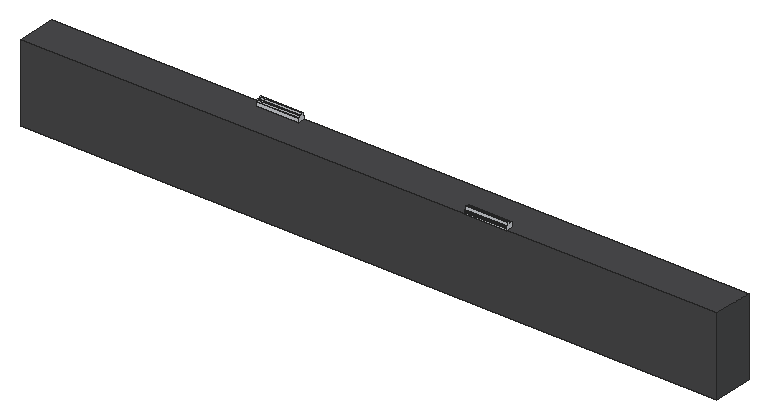
Revit family "DTM30W6.1.15", category Luminarias, Revit 2019
Family settings
  Cota de conector redondo = Diámetro de uso
  Tipo de pieza = Normal
  Se basa en plano de trabajo = Sí
  Siempre vertical = Sí
  Corte con vacíos al cargar = No
  Origen de luz = Sí
  Compartido = No
  Punto de cálculo de habitación = No
Parameters (values of type "RECTANGULAR DWN RIEL_DTM30W6.1.15")
  Ángulo de inclinación = 60.00°
  Zone [instance] = ""
  Watt per fixture = 15
  Wattage = 30.4 W
  built-in parameter 1150107 = 3000 (stored number, unit not read)
  built-in parameter 1150110 = 1 (stored number, unit not read)
  built-in parameter 1150109 = 1 (stored number, unit not read)
  built-in parameter 1150112 = 1 (stored number, unit not read)
  built-in parameter 1150113 = 1 (stored number, unit not read)
  built-in parameter 1114218 = 1 (stored number, unit not read)
  Keynote = ""
  built-in parameter 1150137 = (empty or 0)
  built-in parameter 1150132 = (empty or 0)
  Modelo = "DTM30W6.1.15"
  Lámpara = "3030SMD PHILIPS"
  built-in parameter 1150105 = 12785.8 (stored number, unit not read)
  built-in parameter 1150102 = (empty or 0)
  built-in parameter 1150106 = 127.86 (stored number, unit not read)
  Lumens = 2584 lm
  Color Filter = 16777215
  built-in parameter 1114217 = 1 (stored number, unit not read)
  built-in parameter 1150139 = (empty or 0)
  Fabricante = "BRILLANT"
  Default Elevation = 1219.2 mm
  built-in parameter 1150104 = 7.8968 (stored number, unit not read)
  Descripción = "LUMINARIA DOWNLIGHT EN FORMATO RECTANGULAR COMPATIBLE CON RIEL DE 6 ENTRADAS Y 3 CIRCUITOS, CUERPO DE ALUMINIO ACABADO EN COLOR NEGRO, IP 20, PESO 1.40Kg, TIPO DE LED 3030SMD PHILIPS CON 30.4W TOTAL, 1400 LUMENES, 85LM/W, IRC 90, TEMPERATURA EN BLANCO CALIDO 3000K, 50 MIL HORAS DE VIDA PROMEDIO, APERTURA DE 15 GRADOS POR PROYECTO, ALIMENTADO A 90-240V"
  built-in parameter 1150115 = 1 (stored number, unit not read)
  built-in parameter 1150114 = 1 (stored number, unit not read)
  Comentarios de vataje = "90-240V"
  built-in parameter 1150138 = (empty or 0)
  built-in parameter 1150134 = (empty or 0)
  Circuit [instance] = ""
  Dimming Lamp Color Temperature Shift = (empty or 0)
  Archivo de red fotométrica = "L646A-30W-830-B-15_IESNA95.IES"
  built-in parameter 1150133 = 10 (stored number, unit not read)
Reference planes
  plane 1 "Centro (Frontal/Posterior)": y = 0
  plane 2: z = 0
  plane 3 "Centro (Izquierda/Derecha)": x = 0
Forms (mm)
  Extrusion 1, solid, material "Default Form"
    sketch origin (0, 0, 0) x (1, 0, 0) y (0, 0, 1)
      loop
        line (-323, 0) -> (-323, -72) -> (323, -72) -> (323, 0) -> (-323, 0)
    from -18.326 to 18.326
  Extrusion 2, solid
    sketch origin (0, 0, 3.217) x (0, 1, 0) y (0, 0, 1)
      loop
        line (-12.149, -3.217) -> (-12.149, 0) -> (-12.935, 0) -> (-12.935, 1.637) -> (-13.796, 1.637) -> (-13.796, 0) -> (-14.582, 0) -> (-14.582, 0.811) -> (-15.443, 0.811) -> (-15.443, 0) -> (-16.233, 0) -> (-16.233, 2.691) -> (-17.279, 2.691) -> (-17.279, 0) -> (-18.061, 0) -> (-18.061, -0.861) -> (-17.162, -0.861) -> (-17.162, -2.042) -> (-18.326, -2.042) -> (-18.326, -3.217) -> (-12.149, -3.217)
    from 89.098 to 128.24
  Extrusion 3, solid
    sketch origin (0, 0, 3.217) x (0, -1, 0) y (0, 0, 1)
      loop
        line (-12.149, -3.217) -> (-12.149, 0) -> (-12.935, 0) -> (-12.935, 1.637) -> (-13.796, 1.637) -> (-13.796, 0) -> (-14.582, 0) -> (-14.582, 0.811) -> (-15.443, 0.811) -> (-15.443, 0) -> (-16.233, 0) -> (-16.233, 2.691) -> (-17.279, 2.691) -> (-17.279, 0) -> (-18.061, 0) -> (-18.061, -0.861) -> (-17.162, -0.861) -> (-17.162, -2.042) -> (-18.326, -2.042) -> (-18.326, -3.217) -> (-12.149, -3.217)
    from 89.098 to 128.24
  Blend 4, void
    base sketch origin (-142.93, 0, 0) x (1, 0, 0) y (0, 1, 0)
      loop
        line (-162, 16.149) -> (-162, -16.149) -> (-144.14, -16.149) -> (-144.14, 16.149) -> (-162, 16.149)
    top sketch origin (-142.93, 0, 0) x (1, 0, 0) y (0, 1, 0)
      loop
        line (-160, 12.149) -> (-160, -12.149) -> (-146.14, -12.149) -> (-146.14, 12.149) -> (-160, 12.149)
    from -72 to -61.591
  Blend 5, void
    base sketch origin (-115.93, 0, 0) x (1, 0, 0) y (0, 1, 0)
      loop
        line (-162, 16.149) -> (-162, -16.149) -> (-144.14, -16.149) -> (-144.14, 16.149) -> (-162, 16.149)
    top sketch origin (-115.93, 0, 0) x (1, 0, 0) y (0, 1, 0)
      loop
        line (-160, 12.149) -> (-160, -12.149) -> (-146.14, -12.149) -> (-146.14, 12.149) -> (-160, 12.149)
    from -72 to -61.591
  Blend 6, void
    base sketch origin (-88.93, 0, 0) x (1, 0, 0) y (0, 1, 0)
      loop
        line (-162, 16.149) -> (-162, -16.149) -> (-144.14, -16.149) -> (-144.14, 16.149) -> (-162, 16.149)
    top sketch origin (-88.93, 0, 0) x (1, 0, 0) y (0, 1, 0)
      loop
        line (-160, 12.149) -> (-160, -12.149) -> (-146.14, -12.149) -> (-146.14, 12.149) -> (-160, 12.149)
    from -72 to -61.591
  Blend 7, void
    base sketch origin (-61.93, 0, 0) x (1, 0, 0) y (0, 1, 0)
      loop
        line (-162, 16.149) -> (-162, -16.149) -> (-144.14, -16.149) -> (-144.14, 16.149) -> (-162, 16.149)
    top sketch origin (-61.93, 0, 0) x (1, 0, 0) y (0, 1, 0)
      loop
        line (-160, 12.149) -> (-160, -12.149) -> (-146.14, -12.149) -> (-146.14, 12.149) -> (-160, 12.149)
    from -72 to -61.591
  Blend 8, void
    base sketch origin (-34.93, 0, 0) x (1, 0, 0) y (0, 1, 0)
      loop
        line (-162, 16.149) -> (-162, -16.149) -> (-144.14, -16.149) -> (-144.14, 16.149) -> (-162, 16.149)
    top sketch origin (-34.93, 0, 0) x (1, 0, 0) y (0, 1, 0)
      loop
        line (-160, 12.149) -> (-160, -12.149) -> (-146.14, -12.149) -> (-146.14, 12.149) -> (-160, 12.149)
    from -72 to -61.591
  Blend 9, void
    base sketch origin (-7.93, 0, 0) x (1, 0, 0) y (0, 1, 0)
      loop
        line (-162, 16.149) -> (-162, -16.149) -> (-144.14, -16.149) -> (-144.14, 16.149) -> (-162, 16.149)
    top sketch origin (-7.93, 0, 0) x (1, 0, 0) y (0, 1, 0)
      loop
        line (-160, 12.149) -> (-160, -12.149) -> (-146.14, -12.149) -> (-146.14, 12.149) -> (-160, 12.149)
    from -72 to -61.591
  Blend 10, void
    base sketch origin (19.07, 0, 0) x (1, 0, 0) y (0, 1, 0)
      loop
        line (-162, 16.149) -> (-162, -16.149) -> (-144.14, -16.149) -> (-144.14, 16.149) -> (-162, 16.149)
    top sketch origin (19.07, 0, 0) x (1, 0, 0) y (0, 1, 0)
      loop
        line (-160, 12.149) -> (-160, -12.149) -> (-146.14, -12.149) -> (-146.14, 12.149) -> (-160, 12.149)
    from -72 to -61.591
  Blend 11, void
    base sketch origin (46.07, 0, 0) x (1, 0, 0) y (0, 1, 0)
      loop
        line (-162, 16.149) -> (-162, -16.149) -> (-144.14, -16.149) -> (-144.14, 16.149) -> (-162, 16.149)
    top sketch origin (46.07, 0, 0) x (1, 0, 0) y (0, 1, 0)
      loop
        line (-160, 12.149) -> (-160, -12.149) -> (-146.14, -12.149) -> (-146.14, 12.149) -> (-160, 12.149)
    from -72 to -61.591
  Blend 12, void
    base sketch origin (73.07, 0, 0) x (1, 0, 0) y (0, 1, 0)
      loop
        line (-162, 16.149) -> (-162, -16.149) -> (-144.14, -16.149) -> (-144.14, 16.149) -> (-162, 16.149)
    top sketch origin (73.07, 0, 0) x (1, 0, 0) y (0, 1, 0)
      loop
        line (-160, 12.149) -> (-160, -12.149) -> (-146.14, -12.149) -> (-146.14, 12.149) -> (-160, 12.149)
    from -72 to -61.591
  Blend 13, void
    base sketch origin (100.07, 0, 0) x (1, 0, 0) y (0, 1, 0)
      loop
        line (-162, 16.149) -> (-162, -16.149) -> (-144.14, -16.149) -> (-144.14, 16.149) -> (-162, 16.149)
    top sketch origin (100.07, 0, 0) x (1, 0, 0) y (0, 1, 0)
      loop
        line (-160, 12.149) -> (-160, -12.149) -> (-146.14, -12.149) -> (-146.14, 12.149) -> (-160, 12.149)
    from -72 to -61.591
  Blend 14, void
    base sketch origin (127.07, 0, 0) x (1, 0, 0) y (0, 1, 0)
      loop
        line (-162, 16.149) -> (-162, -16.149) -> (-144.14, -16.149) -> (-144.14, 16.149) -> (-162, 16.149)
    top sketch origin (127.07, 0, 0) x (1, 0, 0) y (0, 1, 0)
      loop
        line (-160, 12.149) -> (-160, -12.149) -> (-146.14, -12.149) -> (-146.14, 12.149) -> (-160, 12.149)
    from -72 to -61.591
  Blend 15, void
    base sketch origin (154.07, 0, 0) x (1, 0, 0) y (0, 1, 0)
      loop
        line (-162, 16.149) -> (-162, -16.149) -> (-144.14, -16.149) -> (-144.14, 16.149) -> (-162, 16.149)
    top sketch origin (154.07, 0, 0) x (1, 0, 0) y (0, 1, 0)
      loop
        line (-160, 12.149) -> (-160, -12.149) -> (-146.14, -12.149) -> (-146.14, 12.149) -> (-160, 12.149)
    from -72 to -61.591
  Blend 16, void
    base sketch origin (181.07, 0, 0) x (1, 0, 0) y (0, 1, 0)
      loop
        line (-162, 16.149) -> (-162, -16.149) -> (-144.14, -16.149) -> (-144.14, 16.149) -> (-162, 16.149)
    top sketch origin (181.07, 0, 0) x (1, 0, 0) y (0, 1, 0)
      loop
        line (-160, 12.149) -> (-160, -12.149) -> (-146.14, -12.149) -> (-146.14, 12.149) -> (-160, 12.149)
    from -72 to -61.591
  Blend 17, void
    base sketch origin (208.07, 0, 0) x (1, 0, 0) y (0, 1, 0)
      loop
        line (-162, 16.149) -> (-162, -16.149) -> (-144.14, -16.149) -> (-144.14, 16.149) -> (-162, 16.149)
    top sketch origin (208.07, 0, 0) x (1, 0, 0) y (0, 1, 0)
      loop
        line (-160, 12.149) -> (-160, -12.149) -> (-146.14, -12.149) -> (-146.14, 12.149) -> (-160, 12.149)
    from -72 to -61.591
  Blend 18, void
    base sketch origin (235.07, 0, 0) x (1, 0, 0) y (0, 1, 0)
      loop
        line (-162, 16.149) -> (-162, -16.149) -> (-144.14, -16.149) -> (-144.14, 16.149) -> (-162, 16.149)
    top sketch origin (235.07, 0, 0) x (1, 0, 0) y (0, 1, 0)
      loop
        line (-160, 12.149) -> (-160, -12.149) -> (-146.14, -12.149) -> (-146.14, 12.149) -> (-160, 12.149)
    from -72 to -61.591
  Blend 19, void
    base sketch origin (262.07, 0, 0) x (1, 0, 0) y (0, 1, 0)
      loop
        line (-162, 16.149) -> (-162, -16.149) -> (-144.14, -16.149) -> (-144.14, 16.149) -> (-162, 16.149)
    top sketch origin (262.07, 0, 0) x (1, 0, 0) y (0, 1, 0)
      loop
        line (-160, 12.149) -> (-160, -12.149) -> (-146.14, -12.149) -> (-146.14, 12.149) -> (-160, 12.149)
    from -72 to -61.591
  Blend 20, void
    base sketch origin (289.07, 0, 0) x (1, 0, 0) y (0, 1, 0)
      loop
        line (-162, 16.149) -> (-162, -16.149) -> (-144.14, -16.149) -> (-144.14, 16.149) -> (-162, 16.149)
    top sketch origin (289.07, 0, 0) x (1, 0, 0) y (0, 1, 0)
      loop
        line (-160, 12.149) -> (-160, -12.149) -> (-146.14, -12.149) -> (-146.14, 12.149) -> (-160, 12.149)
    from -72 to -61.591
  Blend 21, void
    base sketch origin (316.07, 0, 0) x (1, 0, 0) y (0, 1, 0)
      loop
        line (-162, 16.149) -> (-162, -16.149) -> (-144.14, -16.149) -> (-144.14, 16.149) -> (-162, 16.149)
    top sketch origin (316.07, 0, 0) x (1, 0, 0) y (0, 1, 0)
      loop
        line (-160, 12.149) -> (-160, -12.149) -> (-146.14, -12.149) -> (-146.14, 12.149) -> (-160, 12.149)
    from -72 to -61.591
  Blend 22, void
    base sketch origin (343.07, 0, 0) x (1, 0, 0) y (0, 1, 0)
      loop
        line (-162, 16.149) -> (-162, -16.149) -> (-144.14, -16.149) -> (-144.14, 16.149) -> (-162, 16.149)
    top sketch origin (343.07, 0, 0) x (1, 0, 0) y (0, 1, 0)
      loop
        line (-160, 12.149) -> (-160, -12.149) -> (-146.14, -12.149) -> (-146.14, 12.149) -> (-160, 12.149)
    from -72 to -61.591
  Blend 23, void
    base sketch origin (370.07, 0, 0) x (1, 0, 0) y (0, 1, 0)
      loop
        line (-162, 16.149) -> (-162, -16.149) -> (-144.14, -16.149) -> (-144.14, 16.149) -> (-162, 16.149)
    top sketch origin (370.07, 0, 0) x (1, 0, 0) y (0, 1, 0)
      loop
        line (-160, 12.149) -> (-160, -12.149) -> (-146.14, -12.149) -> (-146.14, 12.149) -> (-160, 12.149)
    from -72 to -61.591
  Blend 24, void
    base sketch origin (397.07, 0, 0) x (1, 0, 0) y (0, 1, 0)
      loop
        line (-162, 16.149) -> (-162, -16.149) -> (-144.14, -16.149) -> (-144.14, 16.149) -> (-162, 16.149)
    top sketch origin (397.07, 0, 0) x (1, 0, 0) y (0, 1, 0)
      loop
        line (-160, 12.149) -> (-160, -12.149) -> (-146.14, -12.149) -> (-146.14, 12.149) -> (-160, 12.149)
    from -72 to -61.591
  Blend 25, void
    base sketch origin (424.07, 0, 0) x (1, 0, 0) y (0, 1, 0)
      loop
        line (-162, 16.149) -> (-162, -16.149) -> (-144.14, -16.149) -> (-144.14, 16.149) -> (-162, 16.149)
    top sketch origin (424.07, 0, 0) x (1, 0, 0) y (0, 1, 0)
      loop
        line (-160, 12.149) -> (-160, -12.149) -> (-146.14, -12.149) -> (-146.14, 12.149) -> (-160, 12.149)
    from -72 to -61.591
  Blend 26, void
    base sketch origin (451.07, 0, 0) x (1, 0, 0) y (0, 1, 0)
      loop
        line (-162, 16.149) -> (-162, -16.149) -> (-144.14, -16.149) -> (-144.14, 16.149) -> (-162, 16.149)
    top sketch origin (451.07, 0, 0) x (1, 0, 0) y (0, 1, 0)
      loop
        line (-160, 12.149) -> (-160, -12.149) -> (-146.14, -12.149) -> (-146.14, 12.149) -> (-160, 12.149)
    from -72 to -61.591
Cuts and joins
  Blend 4, Blend 5, Blend 6, Blend 7, Blend 8, Blend 9, Blend 10, Blend 11, Blend 12, Blend 13, Blend 14, Blend 15, Blend 16, Blend 17, Blend 18, Blend 19, Blend 20, Blend 21, Blend 22, Blend 23, Blend 24, Blend 25, Blend 26 cuts Extrusion 1
Dimensions and locks
  equal spacing: Extrusion 1, plane 1 "Centro (Frontal/Posterior)", Extrusion 1
  Extrusion 1 to plane 1 "Centro (Frontal/Posterior)" = 18.326 mm
  Extrusion 1 to Extrusion 1 = 36.651 mm
  Extrusion 1 to Extrusion 1 = 72 mm
  Extrusion 1 to Extrusion 1 = 646 mm
  cut or joined group 1 (Extrusion 1, Blend 4, Blend 5, Blend 6, Blend 7, Blend 8, Blend 9, Blend 10, Blend 11, Blend 12, Blend 13, Blend 14, Blend 15, Blend 16, Blend 17, Blend 18, Blend 19, Blend 20, Blend 21, Blend 22, Blend 23, Blend 24, Blend 25, Blend 26) to cut or joined group 1 = 72 mm
  cut or joined group 1 to cut or joined group 1 = 36.651 mm
  cut or joined group 1 to cut or joined group 1 = 646 mm
  equal spacing: cut or joined group 1, plane 1 "Centro (Frontal/Posterior)", cut or joined group 1
  aligned and locked: level to plane 2
Automatic sketch dimensions
  Extrusion 1 sketch curve to level = 0 mm
  Extrusion 1 sketch curve to level = 72 mm
  Extrusion 1 sketch curve to plane 3 "Centro (Izquierda/Derecha)" = 323 mm
  plane 3 "Centro (Izquierda/Derecha)" to Extrusion 1 sketch curve = 323 mm
  Extrusion 2 sketch curve to level = 0 mm
  level to Extrusion 2 sketch curve = 1.175 mm
  plane 1 "Centro (Frontal/Posterior)" to Extrusion 2 sketch curve = 18.326 mm
  Extrusion 2 sketch curve to Extrusion 2 sketch curve = 0.265 mm
  Extrusion 2 sketch curve to Extrusion 2 sketch curve = 0.782 mm
  Extrusion 2 sketch curve to Extrusion 2 sketch curve = 1.164 mm
  Extrusion 2 sketch curve to Extrusion 2 sketch curve = 1.046 mm
  Extrusion 2 sketch curve to Extrusion 2 sketch curve = 0.789 mm
  Extrusion 2 sketch curve to Extrusion 2 sketch curve = 0.861 mm  (x3)
  Extrusion 2 sketch curve to Extrusion 2 sketch curve = 0.786 mm
  Extrusion 2 sketch curve to Extrusion 2 sketch curve = 0.785 mm
  Extrusion 2 sketch curve to Extrusion 2 sketch curve = 1.181 mm
  level to Extrusion 2 sketch curve = 3.217 mm
  Extrusion 2 sketch curve to Extrusion 2 sketch curve = 0 mm  (x2)
  Extrusion 2 sketch curve to Extrusion 2 sketch curve = 0.811 mm
  Extrusion 2 sketch curve to Extrusion 2 sketch curve = 0.826 mm
  Extrusion 2 sketch curve to Extrusion 2 sketch curve = 1.88 mm
  Extrusion 3 sketch curve to level = 0 mm
  level to Extrusion 3 sketch curve = 1.175 mm
  Extrusion 3 sketch curve to plane 1 "Centro (Frontal/Posterior)" = 18.326 mm
  Extrusion 3 sketch curve to Extrusion 3 sketch curve = 0.265 mm
  Extrusion 3 sketch curve to Extrusion 3 sketch curve = 0.782 mm
  Extrusion 3 sketch curve to Extrusion 3 sketch curve = 1.164 mm
  Extrusion 3 sketch curve to Extrusion 3 sketch curve = 1.046 mm
  Extrusion 3 sketch curve to Extrusion 3 sketch curve = 0.789 mm
  Extrusion 3 sketch curve to Extrusion 3 sketch curve = 0.861 mm  (x3)
  Extrusion 3 sketch curve to Extrusion 3 sketch curve = 0.786 mm
  Extrusion 3 sketch curve to Extrusion 3 sketch curve = 0.785 mm
  Extrusion 3 sketch curve to Extrusion 3 sketch curve = 1.181 mm
  level to Extrusion 3 sketch curve = 3.217 mm
  Extrusion 3 sketch curve to Extrusion 3 sketch curve = 0 mm  (x2)
  Extrusion 3 sketch curve to Extrusion 3 sketch curve = 0.811 mm
  Extrusion 3 sketch curve to Extrusion 3 sketch curve = 0.826 mm
  Extrusion 3 sketch curve to Extrusion 3 sketch curve = 1.88 mm
  Blend 4 sketch curve to plane 1 "Centro (Frontal/Posterior)" = 16.149 mm
  Blend 4 sketch curve to plane 3 "Centro (Izquierda/Derecha)" = 304.93 mm
  Blend 4 sketch curve to Blend 4 sketch curve = 17.86 mm
  plane 1 "Centro (Frontal/Posterior)" to Blend 4 sketch curve = 16.149 mm
  Blend 4 sketch curve to plane 1 "Centro (Frontal/Posterior)" = 12.149 mm
  Blend 4 sketch curve to plane 3 "Centro (Izquierda/Derecha)" = 302.93 mm
  Blend 4 sketch curve to Blend 4 sketch curve = 13.86 mm
  plane 1 "Centro (Frontal/Posterior)" to Blend 4 sketch curve = 12.149 mm
  Blend 5 sketch curve to Blend 5 sketch curve = 17.86 mm
  Blend 5 sketch curve to Blend 5 sketch curve = 13.86 mm
  Blend 5 sketch curve to Blend 5 sketch curve = 32.298 mm
  Blend 5 sketch curve to Blend 5 sketch curve = 24.298 mm
  Blend 6 sketch curve to Blend 6 sketch curve = 17.86 mm
  Blend 6 sketch curve to Blend 6 sketch curve = 13.86 mm
  Blend 6 sketch curve to Blend 6 sketch curve = 32.298 mm
  Blend 6 sketch curve to Blend 6 sketch curve = 24.298 mm
  Blend 7 sketch curve to Blend 7 sketch curve = 17.86 mm
  Blend 7 sketch curve to Blend 7 sketch curve = 13.86 mm
  Blend 7 sketch curve to Blend 7 sketch curve = 32.298 mm
  Blend 7 sketch curve to Blend 7 sketch curve = 24.298 mm
  Blend 8 sketch curve to Blend 8 sketch curve = 17.86 mm
  Blend 8 sketch curve to Blend 8 sketch curve = 13.86 mm
  Blend 8 sketch curve to Blend 8 sketch curve = 32.298 mm
  Blend 8 sketch curve to Blend 8 sketch curve = 24.298 mm
  Blend 9 sketch curve to Blend 9 sketch curve = 17.86 mm
  Blend 9 sketch curve to Blend 9 sketch curve = 13.86 mm
  Blend 9 sketch curve to Blend 9 sketch curve = 32.298 mm
  Blend 9 sketch curve to Blend 9 sketch curve = 24.298 mm
  Blend 10 sketch curve to Blend 10 sketch curve = 17.86 mm
  Blend 10 sketch curve to Blend 10 sketch curve = 13.86 mm
  Blend 10 sketch curve to Blend 10 sketch curve = 32.298 mm
  Blend 10 sketch curve to Blend 10 sketch curve = 24.298 mm
  Blend 11 sketch curve to Blend 11 sketch curve = 17.86 mm
  Blend 11 sketch curve to Blend 11 sketch curve = 13.86 mm
  Blend 11 sketch curve to Blend 11 sketch curve = 32.298 mm
  Blend 11 sketch curve to Blend 11 sketch curve = 24.298 mm
  Blend 12 sketch curve to Blend 12 sketch curve = 17.86 mm
  Blend 12 sketch curve to Blend 12 sketch curve = 13.86 mm
  Blend 12 sketch curve to Blend 12 sketch curve = 32.298 mm
  Blend 12 sketch curve to Blend 12 sketch curve = 24.298 mm
  Blend 13 sketch curve to Blend 13 sketch curve = 17.86 mm
  Blend 13 sketch curve to Blend 13 sketch curve = 13.86 mm
  Blend 13 sketch curve to Blend 13 sketch curve = 32.298 mm
  Blend 13 sketch curve to Blend 13 sketch curve = 24.298 mm
  Blend 14 sketch curve to Blend 14 sketch curve = 17.86 mm
  Blend 14 sketch curve to Blend 14 sketch curve = 13.86 mm
  Blend 14 sketch curve to Blend 14 sketch curve = 32.298 mm
  Blend 14 sketch curve to Blend 14 sketch curve = 24.298 mm
  Blend 15 sketch curve to Blend 15 sketch curve = 17.86 mm
  Blend 15 sketch curve to Blend 15 sketch curve = 13.86 mm
  Blend 15 sketch curve to Blend 15 sketch curve = 32.298 mm
  Blend 15 sketch curve to Blend 15 sketch curve = 24.298 mm
  Blend 16 sketch curve to Blend 16 sketch curve = 17.86 mm
  Blend 16 sketch curve to Blend 16 sketch curve = 13.86 mm
  Blend 16 sketch curve to Blend 16 sketch curve = 32.298 mm
  Blend 16 sketch curve to Blend 16 sketch curve = 24.298 mm
  Blend 17 sketch curve to Blend 17 sketch curve = 17.86 mm
  Blend 17 sketch curve to Blend 17 sketch curve = 13.86 mm
  Blend 17 sketch curve to Blend 17 sketch curve = 32.298 mm
  Blend 17 sketch curve to Blend 17 sketch curve = 24.298 mm
  Blend 18 sketch curve to Blend 18 sketch curve = 17.86 mm
  Blend 18 sketch curve to Blend 18 sketch curve = 13.86 mm
  Blend 18 sketch curve to Blend 18 sketch curve = 32.298 mm
  Blend 18 sketch curve to Blend 18 sketch curve = 24.298 mm
  Blend 19 sketch curve to Blend 19 sketch curve = 17.86 mm
  Blend 19 sketch curve to Blend 19 sketch curve = 13.86 mm
  Blend 19 sketch curve to Blend 19 sketch curve = 32.298 mm
  Blend 19 sketch curve to Blend 19 sketch curve = 24.298 mm
  Blend 20 sketch curve to Blend 20 sketch curve = 17.86 mm
  Blend 20 sketch curve to Blend 20 sketch curve = 13.86 mm
  Blend 20 sketch curve to Blend 20 sketch curve = 32.298 mm
  Blend 20 sketch curve to Blend 20 sketch curve = 24.298 mm
  Blend 21 sketch curve to Blend 21 sketch curve = 17.86 mm
  Blend 21 sketch curve to Blend 21 sketch curve = 13.86 mm
  Blend 21 sketch curve to Blend 21 sketch curve = 32.298 mm
  Blend 21 sketch curve to Blend 21 sketch curve = 24.298 mm
  Blend 22 sketch curve to Blend 22 sketch curve = 17.86 mm
  Blend 22 sketch curve to Blend 22 sketch curve = 13.86 mm
  Blend 22 sketch curve to Blend 22 sketch curve = 32.298 mm
  Blend 22 sketch curve to Blend 22 sketch curve = 24.298 mm
  Blend 23 sketch curve to Blend 23 sketch curve = 17.86 mm
  Blend 23 sketch curve to Blend 23 sketch curve = 13.86 mm
  Blend 23 sketch curve to Blend 23 sketch curve = 32.298 mm
  Blend 23 sketch curve to Blend 23 sketch curve = 24.298 mm
  Blend 24 sketch curve to Blend 24 sketch curve = 17.86 mm
  Blend 24 sketch curve to Blend 24 sketch curve = 13.86 mm
  Blend 24 sketch curve to Blend 24 sketch curve = 32.298 mm
  Blend 24 sketch curve to Blend 24 sketch curve = 24.298 mm
  Blend 25 sketch curve to Blend 25 sketch curve = 17.86 mm
  Blend 25 sketch curve to Blend 25 sketch curve = 13.86 mm
  Blend 25 sketch curve to Blend 25 sketch curve = 32.298 mm
  Blend 25 sketch curve to Blend 25 sketch curve = 24.298 mm
  Blend 26 sketch curve to Blend 26 sketch curve = 17.86 mm
  Blend 26 sketch curve to Blend 26 sketch curve = 13.86 mm
  Blend 26 sketch curve to Blend 26 sketch curve = 32.298 mm
  Blend 26 sketch curve to Blend 26 sketch curve = 24.298 mm
  Blend 5 sketch curve to plane 1 "Centro (Frontal/Posterior)" = 16.149 mm
  Blend 5 sketch curve to plane 3 "Centro (Izquierda/Derecha)" = 277.93 mm
  Blend 5 sketch curve to plane 1 "Centro (Frontal/Posterior)" = 12.149 mm
  Blend 5 sketch curve to plane 3 "Centro (Izquierda/Derecha)" = 275.93 mm
  Blend 6 sketch curve to plane 1 "Centro (Frontal/Posterior)" = 16.149 mm
  Blend 6 sketch curve to plane 3 "Centro (Izquierda/Derecha)" = 250.93 mm
  Blend 6 sketch curve to plane 1 "Centro (Frontal/Posterior)" = 12.149 mm
  Blend 6 sketch curve to plane 3 "Centro (Izquierda/Derecha)" = 248.93 mm
  Blend 7 sketch curve to plane 1 "Centro (Frontal/Posterior)" = 16.149 mm
  Blend 7 sketch curve to plane 3 "Centro (Izquierda/Derecha)" = 223.93 mm
  Blend 7 sketch curve to plane 1 "Centro (Frontal/Posterior)" = 12.149 mm
  Blend 7 sketch curve to plane 3 "Centro (Izquierda/Derecha)" = 221.93 mm
  Blend 8 sketch curve to plane 1 "Centro (Frontal/Posterior)" = 16.149 mm
  Blend 8 sketch curve to plane 3 "Centro (Izquierda/Derecha)" = 196.93 mm
  Blend 8 sketch curve to plane 1 "Centro (Frontal/Posterior)" = 12.149 mm
  Blend 8 sketch curve to plane 3 "Centro (Izquierda/Derecha)" = 194.93 mm
  Blend 9 sketch curve to plane 1 "Centro (Frontal/Posterior)" = 16.149 mm
  Blend 9 sketch curve to plane 3 "Centro (Izquierda/Derecha)" = 169.93 mm
  Blend 9 sketch curve to plane 1 "Centro (Frontal/Posterior)" = 12.149 mm
  Blend 9 sketch curve to plane 3 "Centro (Izquierda/Derecha)" = 167.93 mm
  Blend 10 sketch curve to plane 1 "Centro (Frontal/Posterior)" = 16.149 mm
  Blend 10 sketch curve to plane 3 "Centro (Izquierda/Derecha)" = 142.93 mm
  Blend 10 sketch curve to plane 1 "Centro (Frontal/Posterior)" = 12.149 mm
  Blend 10 sketch curve to plane 3 "Centro (Izquierda/Derecha)" = 140.93 mm
  Blend 11 sketch curve to plane 1 "Centro (Frontal/Posterior)" = 16.149 mm
  Blend 11 sketch curve to plane 3 "Centro (Izquierda/Derecha)" = 115.93 mm
  Blend 11 sketch curve to plane 1 "Centro (Frontal/Posterior)" = 12.149 mm
  Blend 11 sketch curve to plane 3 "Centro (Izquierda/Derecha)" = 113.93 mm
  Blend 12 sketch curve to plane 1 "Centro (Frontal/Posterior)" = 16.149 mm
  Blend 12 sketch curve to plane 3 "Centro (Izquierda/Derecha)" = 88.93 mm
  Blend 12 sketch curve to plane 1 "Centro (Frontal/Posterior)" = 12.149 mm
  Blend 12 sketch curve to plane 3 "Centro (Izquierda/Derecha)" = 86.93 mm
  Blend 13 sketch curve to plane 1 "Centro (Frontal/Posterior)" = 16.149 mm
  Blend 13 sketch curve to plane 3 "Centro (Izquierda/Derecha)" = 61.93 mm
  Blend 13 sketch curve to plane 1 "Centro (Frontal/Posterior)" = 12.149 mm
  Blend 13 sketch curve to plane 3 "Centro (Izquierda/Derecha)" = 59.93 mm
  Blend 14 sketch curve to plane 1 "Centro (Frontal/Posterior)" = 16.149 mm
  Blend 14 sketch curve to plane 3 "Centro (Izquierda/Derecha)" = 34.93 mm
  Blend 14 sketch curve to plane 1 "Centro (Frontal/Posterior)" = 12.149 mm
  Blend 14 sketch curve to plane 3 "Centro (Izquierda/Derecha)" = 32.93 mm
  Blend 15 sketch curve to plane 3 "Centro (Izquierda/Derecha)" = 7.93 mm
  plane 1 "Centro (Frontal/Posterior)" to Blend 15 sketch curve = 16.149 mm
  Blend 15 sketch curve to plane 3 "Centro (Izquierda/Derecha)" = 5.93 mm
  plane 1 "Centro (Frontal/Posterior)" to Blend 15 sketch curve = 12.149 mm
  plane 3 "Centro (Izquierda/Derecha)" to Blend 16 sketch curve = 19.07 mm
  plane 1 "Centro (Frontal/Posterior)" to Blend 16 sketch curve = 16.149 mm
  plane 3 "Centro (Izquierda/Derecha)" to Blend 16 sketch curve = 21.07 mm
  plane 1 "Centro (Frontal/Posterior)" to Blend 16 sketch curve = 12.149 mm
  Blend 17 sketch curve to plane 1 "Centro (Frontal/Posterior)" = 16.149 mm
  plane 3 "Centro (Izquierda/Derecha)" to Blend 17 sketch curve = 46.07 mm
  Blend 17 sketch curve to plane 1 "Centro (Frontal/Posterior)" = 12.149 mm
  plane 3 "Centro (Izquierda/Derecha)" to Blend 17 sketch curve = 48.07 mm
  Blend 18 sketch curve to plane 1 "Centro (Frontal/Posterior)" = 16.149 mm
  plane 3 "Centro (Izquierda/Derecha)" to Blend 18 sketch curve = 73.07 mm
  Blend 18 sketch curve to plane 1 "Centro (Frontal/Posterior)" = 12.149 mm
  plane 3 "Centro (Izquierda/Derecha)" to Blend 18 sketch curve = 75.07 mm
  Blend 19 sketch curve to plane 1 "Centro (Frontal/Posterior)" = 16.149 mm
  plane 3 "Centro (Izquierda/Derecha)" to Blend 19 sketch curve = 100.07 mm
  Blend 19 sketch curve to plane 1 "Centro (Frontal/Posterior)" = 12.149 mm
  plane 3 "Centro (Izquierda/Derecha)" to Blend 19 sketch curve = 102.07 mm
  Blend 20 sketch curve to plane 1 "Centro (Frontal/Posterior)" = 16.149 mm
  plane 3 "Centro (Izquierda/Derecha)" to Blend 20 sketch curve = 127.07 mm
  Blend 20 sketch curve to plane 1 "Centro (Frontal/Posterior)" = 12.149 mm
  plane 3 "Centro (Izquierda/Derecha)" to Blend 20 sketch curve = 129.07 mm
  Blend 21 sketch curve to plane 1 "Centro (Frontal/Posterior)" = 16.149 mm
  plane 3 "Centro (Izquierda/Derecha)" to Blend 21 sketch curve = 154.07 mm
  Blend 21 sketch curve to plane 1 "Centro (Frontal/Posterior)" = 12.149 mm
  plane 3 "Centro (Izquierda/Derecha)" to Blend 21 sketch curve = 156.07 mm
  Blend 22 sketch curve to plane 1 "Centro (Frontal/Posterior)" = 16.149 mm
  plane 3 "Centro (Izquierda/Derecha)" to Blend 22 sketch curve = 181.07 mm
  Blend 22 sketch curve to plane 1 "Centro (Frontal/Posterior)" = 12.149 mm
  plane 3 "Centro (Izquierda/Derecha)" to Blend 22 sketch curve = 183.07 mm
  Blend 23 sketch curve to plane 1 "Centro (Frontal/Posterior)" = 16.149 mm
  plane 3 "Centro (Izquierda/Derecha)" to Blend 23 sketch curve = 208.07 mm
  Blend 23 sketch curve to plane 1 "Centro (Frontal/Posterior)" = 12.149 mm
  plane 3 "Centro (Izquierda/Derecha)" to Blend 23 sketch curve = 210.07 mm
  Blend 24 sketch curve to plane 1 "Centro (Frontal/Posterior)" = 16.149 mm
  plane 3 "Centro (Izquierda/Derecha)" to Blend 24 sketch curve = 235.07 mm
  Blend 24 sketch curve to plane 1 "Centro (Frontal/Posterior)" = 12.149 mm
  plane 3 "Centro (Izquierda/Derecha)" to Blend 24 sketch curve = 237.07 mm
  Blend 25 sketch curve to plane 1 "Centro (Frontal/Posterior)" = 16.149 mm
  plane 3 "Centro (Izquierda/Derecha)" to Blend 25 sketch curve = 262.07 mm
  Blend 25 sketch curve to plane 1 "Centro (Frontal/Posterior)" = 12.149 mm
  plane 3 "Centro (Izquierda/Derecha)" to Blend 25 sketch curve = 264.07 mm
  Blend 26 sketch curve to plane 1 "Centro (Frontal/Posterior)" = 16.149 mm
  plane 3 "Centro (Izquierda/Derecha)" to Blend 26 sketch curve = 289.07 mm
  Blend 26 sketch curve to plane 1 "Centro (Frontal/Posterior)" = 12.149 mm
  plane 3 "Centro (Izquierda/Derecha)" to Blend 26 sketch curve = 291.07 mm
Connectors
  electrical at (0, 0, 0)
    settings: on cut or joined group 1, index 1, voltage 240 V, apparent load 0 VA, apparent load phase1 0 VA, apparent load phase2 0 VA, apparent load phase3 0 VA, power factor 1, load classification "Otro", number of poles 1, system type 31, power factor state 1, is connector primary yes, connector utility no, sub classification motor no, connector description ""
